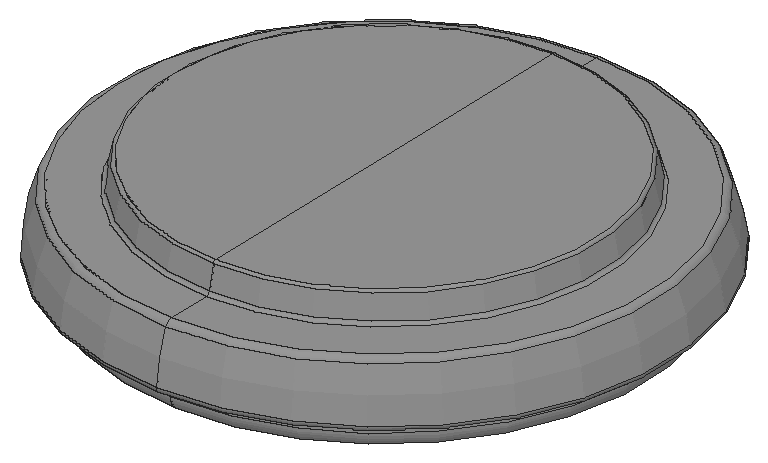
Revit family "FMK11_63_UN_Surface-mounted_ETK", category Lighting Fixtures, Revit 2017 (continued)
Definition of nested family "FMK.1 - Lightsource"
  Types (13, lengths in mm): name | Wattage Comments | Photometric Web File | built-in parameter 1150142 | Apparent Load
      397\t271.7601\t260.7829\t249.8115\t238.199\t224.9904\t212.0355\t199.0916\r\n186.1571\t173.2273\t160.3064\t147.3979\t134.5054\t133.8004\t26.4433\t0\t0\t0\r\n0\t0\t0\t0\t0\t0\r\n405.3384\t404.7985\t404.2731\t402.9746\t400.9294\t398.9778\t395.1912\t391.2006\t387.1764\t383.1518\r\n379.3503\t373.2478\t366.6736\t360.0872\t353.4808\t347.1016\t338.8269\t329.9717\t321.1259\t312.2733\r\n303.6511\t293.3438\t282.42\t271.4857\t260.561\t249.8768\t237.5346\t224.5982\t211.6601\t198.736\r\n185.8092\t172.8976\t159.9952\t147.0924\t134.208\t131.9549\t19.0178\t0\t0\t0\r\n0\t0\t0\t0\t0\t0\r\n405.3384\t404.775\t404.2417\t402.941\t400.8877\t398.9141\t395.0686\t391.0953\t387.0939\t383.0703\r\n379.2465\t373.03\t366.4888\t359.9216\t353.3431\t346.971\t338.5451\t329.7328\t320.92\t312.0934\r\n303.4848\t293.0109\t282.1221\t271.2145\t260.3152\t249.6258\t237.1217\t224.202\t211.2903\t198.3835\r\n185.4706\t172.5647\t159.66\t146.7717\t133.8799\t129.6163\t13.1927\t0\t0\t0\r\n0\t0\t0\t0\t0\t0\r\n405.3384\t404.7527\t404.2068\t402.9019\t400.8767\t398.8558\t394.9637\t390.9782\t387.0011\t382.9988\r\n379.1382\t372.8305\t366.3205\t359.7944\t353.2392\t346.8416\t338.2971\t329.4929\t320.6819\t311.8859\r\n303.2565\t292.6827\t281.8284\t270.9715\t260.0963\t249.3876\t236.7404\t223.8309\t210.924\t198.0301\r\n185.1227\t172.2345\t159.3412\t146.4511\t133.5636\t127.1408\t8.7076\t0\t0\t0\r\n0\t0\t0\t0\t0\t0\r\n405.3384\t404.7317\t404.1685\t402.8573\t400.8341\t398.8203\t394.8729\t390.882\t386.8997\t382.9031\r\n379.0139\t372.6472\t366.1376\t359.6334\t353.1356\t346.7285\t338.0975\t329.2976\t320.4978\t311.7082\r\n303.0442\t292.3608\t281.5086\t270.6653\t259.8241\t249.1051\t236.3739\t223.483\t210.5936\t197.696\r\n184.8022\t171.9214\t159.0318\t146.1423\t133.2543\t124.7431\t5.3342\t0\t0\t0\r\n0\t0\t0\t0\t0\t0\r\n405.3384\t404.7118\t404.0854\t402.8071\t400.7827\t398.7607\t394.8082\t390.8197\t386.8117\t382.8145\r\n378.8745\t372.4566\t365.9558\t359.4647\t352.9636\t346.5217\t337.8337\t329.0692\t320.2987\t311.5096\r\n302.8013\t292.0593\t281.2296\t270.4093\t259.5758\t248.8064\t236.0021\t223.1017\t210.2133\t197.3263\r\n184.4407\t171.5452\t158.6583\t145.7732\t132.8917\t122.5723\t2.8944\t0\t0\t0\r\n0\t0\t0\t0\t0\t0\r\n405.3384\t404.6932\t404.0473\t402.7226\t400.7224\t398.6915\t394.7212\t390.7363\t386.7361\t382.7442\r\n378.7775\t372.3101\t365.7992\t359.3066\t352.8016\t346.3302\t337.6023\t328.8394\t320.0728\t311.2958\r\n302.561\t291.776\t280.951\t270.126\t259.3004\t248.5209\t235.6594\t222.7723\t209.8851\t196.9978\r\n184.1099\t171.2248\t158.3346\t145.4546\t132.5648\t120.8445\t1.2522\t0\t0\t0\r\n0\t0\t0\t0\t0\t0\r\n405.3384\t404.6757\t404.0125\t402.6704\t400.6365\t398.604\t394.6163\t390.6263\t386.6347\t382.642\r\n378.653\t372.1631\t365.664\t359.1642\t352.6514\t346.1579\t337.4057\t328.6338\t319.8737\t311.0997\r\n302.337\t291.5239\t280.7001\t269.8776\t259.0436\t248.2362\t235.3595\t222.4683\t209.58\t196.6886\r\n183.7994\t170.9097\t158.0181\t145.1276\t132.2357\t119.6415\t0.3076\t0\t0\t0\r\n0\t0\t0\t0\t0\t0\r\n405.3384\t404.6596\t403.9806\t402.6229\t400.5746\t398.5262\t394.5231\t390.5201\t386.5171\t382.514\r\n378.4993\t372.003\t365.4952\t358.999\t352.4911\t345.9949\t337.2046\t328.4142\t319.6239\t310.8453\r\n302.055\t291.2397\t280.4128\t269.5975\t258.7705\t247.9552\t235.0564\t222.1578\t209.2708\t196.372\r\n183.485\t170.5863\t157.6875\t144.8005\t131.9018\t119.0148\t0\t0\t0\t0\r\n0\t0\t0\t0\t0\t0\r\n405.3384\t404.6446\t403.952\t402.5799\t400.516\t398.4496\t394.4362\t390.4167\t386.393\t382.3765\r\n378.3639\t371.8594\t365.3463\t358.8345\t352.3221\t345.8186\t337.0218\t328.2282\t319.4233\t310.6293\r\n301.8361\t291.0019\t280.1697\t269.3256\t258.4827\t247.6533\t234.7581\t221.854\t208.9473\t196.0427\r\n183.1396\t170.2368\t157.3331\t144.4306\t131.5295\t118.923\t0.3058\t0\t0\t0\r\n0\t0\t0\t0\t0\t0\r\n405.3384\t404.6311\t403.9266\t402.5417\t400.4513\t398.3517\t394.3448\t390.3139\t386.2918\t382.2534\r\n378.238\t371.7358\t365.2058\t358.6709\t352.1332\t345.6284\t336.8455\t328.0252\t319.2071\t310.3886\r\n301.6022\t290.7741\t279.9105\t269.0599\t258.1993\t247.3735\t234.4901\t221.5727\t208.655\t195.7516\r\n182.8364\t169.9224\t157.0186\t144.1096\t131.2095\t119.4546\t1.2376\t0\t0\t0\r\n0\t0\t0\t0\t0\t0\r\n405.3384\t404.6189\t403.9044\t402.5099\t400.4048\t398.3042\t394.3046\t390.2607\t386.2346\t382.1535\r\n378.1197\t371.6271\t365.0667\t358.4953\t351.9348\t345.4342\t336.6778\t327.8251\t318.988\t310.1383\r\n301.3588\t290.557\t279.6705\t268.7827\t257.8964\t247.0828\t234.2295\t221.3067\t208.3745\t195.4454\r\n182.519\t169.6057\t156.6841\t143.7663\t130.8565\t120.461\t2.8438\t0\t0\t0\r\n0\t0\t0\t0\t0\t0\r\n405.3384\t404.608\t403.906\t402.4809\t400.3686\t398.2825\t394.3364\t390.2509\t386.1403\t382.0139\r\n377.9719\t371.5145\t364.9316\t358.3331\t351.741\t345.2569\t336.5322\t327.65\t318.7717\t309.893\r\n301.122\t290.3538\t279.4296\t268.5063\t257.6005\t246.812\t234.0133\t221.0577\t208.1226\t195.1708\r\n182.233\t169.2892\t156.3621\t143.428\t130.5101\t121.8491\t5.2081\t0\t0\t0\r\n0\t0\t0\t0\t0\t0\r\n405.3384\t404.5983\t403.8876\t402.4562\t400.3424\t398.3285\t394.312\t390.1748\t386.0001\t381.8499\r\n377.8465\t371.4423\t364.8155\t358.179\t351.5314\t345.0554\t336.4015\t327.4708\t318.5324\t309.5879\r\n300.8096\t290.1067\t279.1611\t268.2305\t257.289\t246.5037\t233.7899\t220.8066\t207.8411\t194.873\r\n181.9286\t168.9735\t156.0235\t143.0925\t130.1555\t123.4873\t8.4517\t0\t0\t0\r\n0\t0\t0\t0\t0\t0\r\n405.3384\t404.5901\t403.8694\t402.4354\t400.3632\t398.2964\t394.2634\t390.0534\t385.8948\t381.7277\r\n377.7335\t371.3662\t364.6894\t358.0074\t351.3178\t344.8397\t336.2562\t327.2573\t318.2671\t309.292\r\n300.5434\t289.9663\t278.9733\t267.9846\t257.0011\t246.2424\t233.6423\t220.6376\t207.6416\t194.6527\r\n181.66\t168.6794\t155.7053\t142.752\t129.7991\t125.1546\t12.7273\t0\t0\t0\r\n0\t0\t0\t0\t0\t0\r\n405.3384\t404.5832\t403.8511\t402.4184\t400.3294\t398.2373\t394.1753\t389.9932\t385.8207\t381.5858\r\n377.5585\t371.29\t364.5766\t357.8427\t351.0774\t344.5671\t336.1252\t327.126\t318.0989\t309.0717\r\n300.2725\t289.8361\t278.7856\t267.7468\t256.7121\t245.9428\t233.5014\t220.4496\t207.42\t194.3931\r\n181.3835\t168.3751\t155.3885\t142.4223\t129.4696\t126.6674\t18.2327\t0\t0\t0\r\n0\t0\t0\t0\t0\t0\r\n405.3384\t404.6161\t403.833\t402.4338\t400.2812\t398.117\t394.1504\t389.9734\t385.7276\t381.4258\r\n377.3816\t371.2392\t364.4718\t357.6674\t350.8628\t344.3271\t336.3727\t327.0146\t317.9224\t308.8102\r\n299.6801\t289.9237\t278.5829\t267.4993\t256.4203\t245.3261\t233.5789\t220.2411\t207.1712\t194.1138\r\n181.0807\t168.0584\t155.0612\t142.0858\t129.1328\t127.7426\t25.2025\t0\t0\t0\r\n0\t0\t0\t0\t0\t0\r\n405.3384\t404.6105\t403.8147\t402.4101\t400.2194\t398.0503\t394.1642\t389.934\t385.6217\t381.2896\r\n377.1953\t371.2003\t364.3795\t357.5497\t350.6777\t343.7901\t336.3331\t326.9098\t317.7336\t308.5378\r\n299.3341\t289.7717\t278.414\t267.2406\t256.0784\t244.9306\t233.4048\t220.0844\t206.987\t193.9063\r\n180.8452\t167.8011\t154.7799\t141.7801\t128.7982\t128.0121\t33.8934\t0\t0\t0\r\n0\t0\t0\t0\t0\t0\r\n405.3384\t404.605\t403.7961\t402.3797\t400.115\t397.9929\t394.1749\t389.882\t385.5568\t381.1715\r\n376.6631\t371.4951\t364.3355\t357.4079\t350.4678\t343.5064\t336.2424\t326.8117\t317.5627\t308.2892\r\n298.9902\t289.5725\t278.2428\t267.0234\t255.8103\t244.5868\t233.2271\t219.9634\t206.8227\t193.6957\r\n180.6021\t167.5443\t154.4957\t141.4702\t128.4705\t115.505\t70.026\t0\t0\t0\r\n0\t0\t0\t0\t0\t0\r\n405.3384\t404.5994\t403.7772\t402.343\t400.0582\t397.9547\t394.1952\t389.8748\t385.5291\t380.979\r\n376.4372\t371.47\t364.2569\t357.2705\t350.2636\t343.2284\t336.1012\t326.741\t317.3967\t308.0368\r\n298.6712\t289.3725\t278.1474\t266.8135\t255.5191\t244.2436\t233.0342\t219.8906\t206.6977\t193.5207\r\n180.3828\t167.2783\t154.2217\t141.1824\t128.1722\t115.1956\t80.4414\t0\t0\t0\r\n0\t0\t0\t0\t0\t0\r\n405.3384\t404.594\t403.7665\t402.3007\t400.0104\t397.8946\t394.467\t389.9452\t385.4255\t380.805\r\n376.2179\t371.3573\t364.2027\t357.1507\t350.0679\t342.9438\t335.905\t326.68\t317.25\t307.8176\r\n298.3724\t289.0673\t278.0222\t266.6515\t255.3003\t243.9401\t232.7582\t219.8133\t206.5867\t193.3789\r\n180.2056\t167.0687\t153.966\t140.8994\t127.8726\t114.8827\t90.1164\t0\t0\t0\r\n0\t0\t0\t0\t0\t0\r\n405.3384\t404.5889\t403.7442\t402.2253\t399.9717\t397.8259\t394.5256\t389.9394\t385.2649\t380.6538\r\n375.9641\t371.2248\t364.1789\t357.067\t349.8977\t342.6677\t335.6288\t326.6532\t317.1531\t307.6244\r\n298.0542\t288.478\t278.2469\t266.5399\t255.0597\t243.6182\t232.4332\t219.7955\t206.4902\t193.2133\r\n180.0012\t166.821\t153.6857\t140.5957\t127.5588\t114.5661\t98.6146\t0\t0\t0\r\n0\t0\t0\t0\t0\t0\r\n405.3384\t404.5838\t403.7204\t402.1836\t399.9493\t397.495\t394.6576\t389.8387\t385.1686\t380.5014\r\n375.729\t371.0605\t364.1878\t357.0066\t349.7365\t342.3831\t334.9798\t326.9611\t317.1042\t307.4527\r\n297.7974\t288.1146\t278.1369\t266.4125\t254.8729\t243.3316\t231.7822\t219.9393\t206.403\t193.0914\r\n179.8299\t166.6203\t153.466\t140.3518\t127.2713\t114.2585\t105.3682\t0\t0\t0\r\n0\t0\t0\t0\t0\t0\r\n405.3384\t404.579\t403.6953\t402.1453\t400.0044\t397.4328\t394.6846\t389.7831\t385.1052\t380.3588\r\n375.5172\t370.8454\t364.2472\t356.9647\t349.5864\t342.1389\t334.6459\t326.9338\t317.0698\t307.3364\r\n297.5463\t287.7394\t277.9639\t266.3589\t254.7041\t243.037\t231.404\t219.803\t206.3799\t193.0247\r\n179.6747\t166.415\t153.2216\t140.0873\t127.0126\t113.9921\t109.8199\t9.0426\t0\t0\r\n0\t0\t0\t0\t0\t0\r\n405.3384\t404.5744\t403.6691\t402.1103\t399.9781\t397.3776\t394.6495\t389.7577\t385.0555\t380.2439\r\n375.3168\t370.2787\t364.5973\t356.9471\t349.4699\t341.9308\t334.3338\t326.7694\t317.1018\t307.2337\r\n297.342\t287.4211\t277.6928\t266.3301\t254.5511\t242.8085\t231.0731\t219.5536\t206.3499\t192.9347\r\n179.5687\t166.2649\t153.016\t139.8234\t126.726\t113.6905\t111.2803\t21.7073\t0\t0\r\n0\t0\t0\t0\t0\t0\r\n405.3384\t404.57\t403.6421\t402.0785\t399.9533\t397.3665\t394.4977\t389.7642\t385.0355\t380.1533\r\n375.1312\t370.0104\t364.5699\t356.9602\t349.3932\t341.7532\t334.0283\t326.4707\t317.1654\t307.1994\r\n297.1718\t287.133\t277.0299\t266.5617\t254.4718\t242.5962\t230.7316\t218.9364\t206.6337\t192.9105\r\n179.4434\t166.087\t152.7988\t139.6068\t126.4833\t113.4569\t100.4945\t60.079\t0\t0\r\n0\t0\t0\t0\t0\t0\r\n405.3384\t404.5661\t403.6144\t402.0512\t399.9354\t397.2997\t394.4018\t389.8025\t385.0322\t380.0745\r\n374.9814\t369.7443\t364.4545\t357.0142\t349.3678\t341.6146\t333.7412\t325.8005\t317.4989\t307.1996\r\n297.0754\t286.8649\t276.6591\t266.3928\t254.4188\t242.4545\t230.4861\t218.5355\t206.5242\t192.8964\r\n179.3794\t165.9637\t152.639\t139.4008\t126.2545\t113.2052\t100.2394\t75.4175\t0\t0\r\n0\t0\t0\t0\t0\t0\r\n405.3384\t404.5625\t403.5863\t402.0218\t399.9104\t397.2171\t394.3045\t389.8927\t385.0511\t380.0149\r\n374.8455\t369.4904\t364.2419\t357.1219\t349.384\t341.4901\t333.5186\t325.4314\t317.3612\t307.2899\r\n297.0022\t286.6805\t276.276\t266.1102\t254.4772\t242.3425\t230.2194\t218.174\t206.3008\t192.9174\r\n179.3579\t165.8762\t152.4972\t139.2127\t126.0328\t112.9621\t100.0093\t87.0551\t0\t0\r\n0\t0\t0\t0\t0\t0\r\n405.3384\t404.5593\t403.5488\t401.9935\t399.8835\t397.1246\t394.2037\t390.2303\t385.0913\t379.9896\r\n374.7291\t369.2488\t363.6276\t357.5035\t349.4258\t341.4412\t333.3238\t325.0865\t317.0691\t307.6993\r\n297.0161\t286.5013\t276.02\t265.4718\t254.6844\t242.2835\t230.06\t217.8462\t205.7159\t193.2069\r\n179.3627\t165.7938\t152.3453\t139.0419\t125.8422\t112.7623\t99.7796\t94.113\t0.6105\t0\r\n0\t0\t0\t0\t0\t0\r\n405.3384\t404.5567\t403.4347\t401.9663\t399.8542\t396.9916\t393.8623\t390.3025\t385.1493\t379.9968\r\n374.6293\t369.0482\t363.3058\t357.4798\t349.5307\t341.4245\t333.1708\t324.8183\t316.3472\t307.7332\r\n297.0531\t286.4824\t275.7917\t265.0603\t254.4821\t242.3206\t229.9441\t217.6132\t205.3254\t193.1091\r\n179.3748\t165.764\t152.2793\t138.8941\t125.6464\t112.5384\t99.5694\t86.7243\t14.0692\t0\r\n0\t0\t0\t0\t0\t0\r\n405.3384\t404.5544\t403.4109\t401.9397\t399.8279\t396.9235\t393.766\t390.3402\t385.2395\t380.0227\r\n374.5426\t368.8806\t363.0291\t357.2464\t350.0081\t341.4712\t333.0914\t324.5758\t315.9704\t307.4474\r\n297.2703\t286.4865\t275.6403\t264.756\t253.843\t242.607\t229.9008\t217.4057\t204.9789\t192.7969\r\n179.4987\t165.7588\t152.175\t138.7541\t125.4881\t112.3504\t99.3709\t86.5437\t51.9517\t0\r\n0\t0\t0\t0\t0\t0\r\n405.3384\t404.5528\t403.3896\t401.9136\t399.7913\t396.957\t393.6984\t390.3419\t385.3606\t380.0818\r\n374.5\t368.7496\t362.7919\t356.6028\t350.0626\t341.5854\t333.0658\t324.4216\t315.6059\t306.7421\r\n297.6344\t286.5955\t275.5812\t264.5172\t253.4454\t242.4387\t229.9497\t217.306\t204.7451\t192.2166\r\n179.6744\t165.7968\t152.1564\t138.646\t125.329\t112.1759\t99.1985\t86.3772\t68.9502\t0\r\n0\t0\t0\t0\t0\t0\r\n405.3384\t404.5516\t403.3711\t401.8875\t399.7527\t396.9277\t393.6298\t390.2999\t385.7547\t380.1611\r\n374.5012\t368.6583\t362.5687\t356.2748\t349.9304\t341.7568\t333.1054\t324.2991\t315.3601\t306.3451\r\n297.4021\t286.7961\t275.6181\t264.4085\t253.1166\t241.8373\t230.2463\t217.3133\t204.529\t191.8469\r\n179.4606\t165.8616\t152.1382\t138.5889\t125.1903\t112.0098\t99.0178\t86.2149\t79.0059\t0\r\n0\t0\t0\t0\t0\t0\r\n405.3384\t404.5303\t403.3553\t401.8645\t399.7131\t396.9209\t393.5723\t390.1989\t385.8711\t380.2535\r\n374.5458\t368.6079\t362.4015\t355.9658\t349.3036\t342.1689\t333.2403\t324.278\t315.2144\t305.9895\r\n296.6392\t287.1356\t275.8011\t264.3885\t252.9357\t241.4441\t230.1178\t217.3521\t204.4354\t191.5936\r\n178.8542\t166.1287\t152.1585\t138.5008\t125.0791\t111.8622\t98.8722\t86.0895\t73.5113\t5.8064\r\n0\t0\t0\t0\t0\t0\r\n405.3384\t404.5303\t403.3424\t401.8359\t399.6738\t396.904\t393.5271\t389.8272\t385.9412\t380.4009\r\n374.6452\t368.602\t362.2897\t355.7113\t348.9026\t342.0438\t333.4533\t324.356\t315.1404\t305.736\r\n296.21\t286.8176\t276.3248\t264.5084\t252.8679\t241.1993\t229.4494\t217.6364\t204.4484\t191.4377\r\n178.5308\t165.8585\t152.2347\t138.4866\t125.0067\t111.7492\t98.7341\t85.9681\t73.4427\t41.0177\r\n0\t0\t0\t0\t0\t0\r\n405.3384\t404.5314\t403.3323\t401.8066\t399.6355\t396.8882\t393.4998\t389.7256\t385.9264\t380.8323\r\n374.7825\t368.6476\t362.2247\t355.5179\t348.5777\t341.3716\t333.8428\t324.5619\t315.1649\t305.6139\r\n295.8944\t286.068\t276.276\t264.795\t252.9611\t241.028\t229.1012\t217.1796\t204.5856\t191.3702\r\n178.2755\t165.3108\t152.4401\t138.5329\t124.9629\t111.6537\t98.6364\t85.8681\t73.3923\t59.4422\r\n0\t0\t0\t0\t0\t0\r\n405.3384\t404.5334\t403.3254\t401.7768\t399.5834\t396.8724\t393.5563\t389.6813\t385.8296\t380.9686\r\n374.9634\t368.7467\t362.223\t355.3988\t348.3247\t340.9663\t333.6105\t325.0909\t315.3013\t305.5958\r\n295.7167\t285.6879\t275.5196\t265.2641\t253.1643\t241.0284\t228.9013\t216.7619\t204.7197\t191.4431\r\n178.1426\t165.025\t152.054\t138.6238\t124.949\t111.5808\t98.5317\t85.7999\t73.3521\t67.4468\r\n0\t0\t0\t0\t0\t0\r\n405.3384\t404.5367\t403.3213\t401.747\t399.553\t396.8551\t393.5253\t389.642\t385.4196\t381.0143\r\n375.4341\t368.8936\t362.2811\t355.3633\t348.149\t340.6463\t332.8952\t325.0567\t315.6054\t305.7209\r\n295.6694\t285.4283\t275.0861\t264.6206\t253.7214\t241.2356\t228.8857\t216.5051\t204.1542\t191.7482\r\n178.1912\t164.8347\t151.6841\t138.7372\t124.9638\t111.5467\t98.4431\t85.7156\t73.3308\t61.2799\r\n6.6224\t0\t0\t0\t0\t0\r\n405.3384\t404.541\t403.3206\t401.7173\t399.5263\t396.8348\t393.4891\t389.6228\t385.3035\t380.9705\r\n375.6064\t369.1065\t362.3871\t355.4019\t348.059\t340.4189\t332.5297\t324.353\t315.9992\t306.0013\r\n295.7691\t285.3359\t274.8118\t264.0762\t253.4617\t241.8475\t229.0559\t216.4579\t203.8582\t191.3277\r\n178.4886\t164.7975\t151.4218\t138.2923\t125.0643\t111.5119\t98.3871\t85.6566\t73.3292\t61.3845\r\n41.3401\t0\t0\t0\t0\t0\r\n405.3384\t404.7046\t403.3351\t401.6085\t399.5025\t396.8106\t393.4101\t389.6964\t385.2267\t380.5909\r\n375.6608\t369.6146\t362.5887\t355.5216\t348.0628\t340.3035\t332.2796\t323.9612\t315.3815\t306.4951\r\n296.0045\t285.4293\t274.6916\t263.7186\t252.6951\t241.7657\t229.4357\t216.6186\t203.7814\t190.9543\r\n178.3774\t164.9054\t151.3423\t137.993\t125.0188\t111.5486\t98.3549\t85.6161\t73.3518\t61.5005\r\n54.5145\t0\t0\t0\t0\t0\r\n405.3384\t404.7094\t403.3409\t401.5892\t399.4806\t396.7853\t393.3861\t389.647\t385.1911\t380.4752\r\n375.5799\t369.7733\t362.8838\t355.7241\t348.1677\t340.311\t332.135\t323.6844\t314.9275\t305.9445\r\n296.5192\t285.7241\t274.7325\t263.6059\t252.3232\t240.938\t229.682\t217.0354\t203.8964\t190.8667\r\n177.8483\t165.1045\t151.4128\t137.8197\t124.5862\t111.6542\t98.3596\t85.6026\t73.3081\t61.567\r\n50.2719\t0\t0\t0\t0\t0\r\n405.3384\t404.7141\t403.3495\t401.5769\t399.4597\t396.7589\t393.3787\t389.6141\t385.2819\t380.3954\r\n375.1982\t369.7519\t363.3915\t356.0194\t348.3778\t340.4279\t332.1175\t323.54\t314.6307\t305.4612\r\n295.9656\t286.2757\t275.0119\t263.7288\t252.2133\t240.5678\t228.8725\t217.2219\t204.3601\t191.0024\r\n177.7549\t164.5951\t151.6169\t137.856\t124.3917\t111.3335\t98.3751\t85.5165\t73.2932\t61.597\r\n50.4839\t26.8985\t0\t0\t0\t0\r\n405.3384\t404.7188\t403.3611\t401.5899\t399.4393\t396.7318\t393.3783\t389.5778\t385.2799\t380.4048\r\n375.1029\t369.354\t363.4329\t356.5509\t348.7107\t340.6772\t332.2579\t323.5399\t314.5046\t305.1188\r\n295.5188\t285.63\t275.5222\t264.0384\t252.342\t240.479\t228.5121\t216.4262\t204.4988\t191.6613\r\n177.9175\t164.4704\t151.1862\t138.14\t124.3921\t111.0641\t98.3014\t85.4755\t73.1886\t61.5768\r\n50.6169\t43.8035\t0\t0\t0\t0\r\n405.3384\t404.7234\t403.3758\t401.5932\t399.3558\t396.7043\t393.383\t389.5381\t385.271\t380.3873\r\n375.0389\t369.2482\t363.0412\t356.6073\t349.2775\t341.0511\t332.5546\t323.7019\t314.5615\t305.0088\r\n295.2657\t285.1407\t274.8439\t264.3864\t252.9603\t240.7003\t228.4626\t216.1193\t203.7058\t191.2839\r\n178.5866\t164.7027\t151.1153\t137.7422\t124.6359\t111.0334\t97.9491\t85.3922\t73.0802\t61.4885\r\n50.6435\t40.5048\t0\t0\t0\t0\r\n405.3384\t404.7278\t403.3938\t401.6032\t399.3484\t396.6726\t393.3886\t389.4997\t385.2549\t380.3738\r\n375.1114\t369.2206\t362.9224\t356.2011\t349.3184\t341.6044\t333.2293\t324.0355\t314.7893\t305.1249\r\n295.2219\t284.9551\t274.4342\t263.6396\t252.6034\t241.2841\t228.7342\t216.1549\t203.4536\t190.7548\r\n178.0519\t165.358\t151.3808\t137.7373\t124.3116\t111.2524\t97.8365\t85.0967\t72.89\t61.3103\r\n50.5893\t40.6649\t9.0488\t0\t0\t0\r\n405.3384\t404.7319\t403.4151\t401.6204\t399.3511
